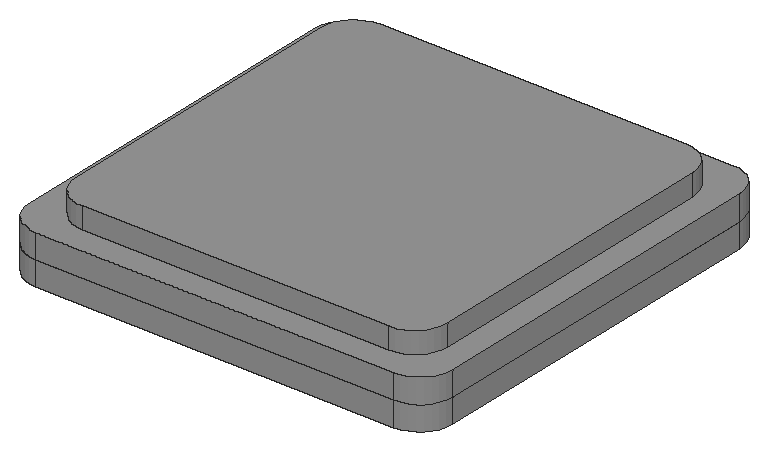
Revit family "FMS2_63_UN_Surface-mounted_ETK", category Lighting Fixtures, Revit 2019 (continued)
Definition of nested family "FMS.2 - Lightsource"
  Types (14, lengths in mm): name | Wattage Comments | Wattage | built-in parameter 1150134 | Photometric Web File | built-in parameter 1150142 | built-in parameter 1150105 | Lumens | built-in parameter 1150107 | built-in parameter 1150106 | Apparent Load
    FMS.1140.10 - Ø270 / 18W / 1120lm / 3000K | "18W" | 7.53996 W | (empty or 0) | "FMS.1140.10.ies" | "IESNA:LM-63-2002\r\n[TEST] /2015\r\n[TESTLAB] ies2eulumdat.appspot.com\r\n[ISSUEDATE] 2021-10-05T13:45:42.911\r\n[MANUFAC] www.etk.nl\r\n[LUMCAT] FMS.1120.10\r\n[LUMINAIRE] FMS.1 LED 18W 3000K 1120lm sensor std ø270 Ledeshi Slice circle III MW Sensor\r\n[LAMPCAT] LED\r\n[LAMP] LED\r\nTILT=NONE\r\n1\t1283\t1\t181\t72\t1\t2\t-0.270\t-0.270\t0\r\n1.0\t1.0\t15.90\r\n0\t 0.5\t 1\t 1.5\t 2\t 2.5\t 3\t 3.5\t 4\t 4.5\r\n5\t 5.5\t 6\t 6.5\t 7\t 7.5\t 8\t 8.5\t 9\t 9.5\r\n10\t 10.5\t 11\t 11.5\t 12\t 12.5\t 13\t 13.5\t 14\t 14.5\r\n15\t 15.5\t 16\t 16.5\t 17\t 17.5\t 18\t 18.5\t 19\t 19.5\r\n20\t 20.5\t 21\t 21.5\t 22\t 22.5\t 23\t 23.5\t 24\t 24.5\r\n25\t 25.5\t 26\t 26.5\t 27\t 27.5\t 28\t 28.5\t 29\t 29.5\r\n30\t 30.5\t 31\t 31.5\t 32\t 32.5\t 33\t 33.5\t 34\t 34.5\r\n35\t 35.5\t 36\t 36.5\t 37\t 37.5\t 38\t 38.5\t 39\t 39.5\r\n40\t 40.5\t 41\t 41.5\t 42\t 42.5\t 43\t 43.5\t 44\t 44.5\r\n45\t 45.5\t 46\t 46.5\t 47\t 47.5\t 48\t 48.5\t 49\t 49.5\r\n50\t 50.5\t 51\t 51.5\t 52\t 52.5\t 53\t 53.5\t 54\t 54.5\r\n55\t 55.5\t 56\t 56.5\t 57\t 57.5\t 58\t 58.5\t 59\t 59.5\r\n60\t 60.5\t 61\t 61.5\t 62\t 62.5\t 63\t 63.5\t 64\t 64.5\r\n65\t 65.5\t 66\t 66.5\t 67\t 67.5\t 68\t 68.5\t 69\t 69.5\r\n70\t 70.5\t 71\t 71.5\t 72\t 72.5\t 73\t 73.5\t 74\t 74.5\r\n75\t 75.5\t 76\t 76.5\t 77\t 77.5\t 78\t 78.5\t 79\t 79.5\r\n80\t 80.5\t 81\t 81.5\t 82\t 82.5\t 83\t 83.5\t 84\t 84.5\r\n85\t 85.5\t 86\t 86.5\t 87\t 87.5\t 88\t 88.5\t 89\t 89.5\r\n90\r\n0\t 5\t 10\t 15\t 20\t 25\t 30\t 35\t 40\t 45\r\n50\t 55\t 60\t 65\t 70\t 75\t 80\t 85\t 90\t 95\r\n100\t 105\t 110\t 115\t 120\t 125\t 130\t 135\t 140\t 145\r\n150\t 155\t 160\t 165\t 170\t 175\t 180\t 185\t 190\t 195\r\n200\t 205\t 210\t 215\t 220\t 225\t 230\t 235\t 240\t 245\r\n250\t 255\t 260\t 265\t 270\t 275\t 280\t 285\t 290\t 295\r\n300\t 305\t 310\t 315\t 320\t 325\t 330\t 335\t 340\t 345\r\n350\t 355\r\n473.6291\t473.5008\t473.3725\t473.2442\t473.1158\t472.8592\t472.6026\t472.2176\t471.8326\t471.3194\r\n470.9344\t470.4211\t470.0362\t469.3946\t468.6246\t467.983\t467.2131\t466.3149\t465.4166\t464.3901\r\n463.4918\t462.5936\t461.567\t460.2838\t458.8723\t457.5891\t456.4342\t455.0227\t453.6112\t452.1997\r\n450.6598\t449.12\t447.5802\t445.912\t444.2438\t442.5757\t440.7792\t438.9827\t437.0579\t435.1331\r\n433.2083\t431.1552\t429.1021\t426.9206\t424.6109\t422.5578\t420.5046\t418.1949\t415.7568\t413.447\r\n411.1373\t408.8275\t406.3894\t403.9514\t401.385\t398.6902\t395.9955\t393.5574\t390.991\t388.2963\r\n385.6016\t382.7786\t379.8272\t377.1325\t374.4378\t371.4864\t368.535\t365.712\t362.889\t359.9376\r\n356.9862\t353.7782\t350.6986\t347.7472\t344.6675\t341.7162\t338.6365\t335.5568\t332.4771\t329.1408\r\n325.9328\t322.8531\t319.7734\t316.4371\t313.2291\t309.8928\t306.6848\t303.3485\t300.1405\t296.8042\r\n293.4678\t290.1315\t286.9235\t283.4589\t280.1226\t276.9146\t273.5782\t270.1136\t266.649\t263.3126\r\n259.9763\t256.3834\t252.7904\t249.5824\t246.2461\t242.6531\t239.0602\t235.5955\t232.1309\t228.6662\r\n225.2016\t221.737\t218.2723\t214.8077\t211.343\t207.8784\t204.2854\t200.6925\t197.2278\t193.6349\r\n190.1702\t186.7056\t183.1126\t179.648\t176.055\t172.5904\t169.1258\t165.4045\t161.8115\t158.2186\r\n154.6256\t151.2893\t147.8246\t144.2317\t140.6387\t137.1741\t133.7094\t130.2448\t126.6647\t123.2257\r\n119.7996\t116.3221\t112.8446\t109.4698\t106.095\t102.7073\t99.3325\t95.9577\t92.5829\t89.3364\r\n86.1027\t82.8691\t79.6482\t76.4402\t73.2451\t70.2039\t67.1627\t64.2242\t61.2985\t58.3856\r\n55.4727\t52.7267\t49.9806\t47.1704\t44.3602\t41.8195\t39.2916\t36.8278\t34.3769\t31.9902\r\n29.6034\t27.4476\t25.2919\t23.3414\t21.3909\t19.71\t18.029\t17.0794\t16.117\t13.4479\r\n10.775\r\n473.6291\t473.5008\t473.3725\t473.1158\t472.8592\t472.6026\t472.3459\t471.8326\t471.3194\t470.9344\r\n470.4211\t469.9078\t469.3946\t468.6246\t467.983\t467.0848\t466.3149\t465.4166\t464.3901\t463.4918\r\n462.4653\t461.4387\t460.4122\t459.129\t457.7174\t456.4342\t455.151\t453.7395\t452.1997\t450.7882\r\n449.2483\t447.7085\t446.0403\t444.3722\t442.704\t440.9075\t439.111\t437.1862\t435.2614\t433.3366\r\n431.4118\t429.3587\t427.3056\t424.9958\t422.8144\t420.7613\t418.5798\t416.2701\t413.832\t411.5222\r\n409.2125\t406.7744\t404.3363\t401.7699\t399.3318\t396.6371\t393.9424\t391.376\t388.8096\t386.2432\r\n383.5485\t380.7254\t377.7741\t374.951\t372.2563\t369.4333\t366.4819\t363.6589\t360.7075\t357.7562\r\n354.8048\t351.7251\t348.6454\t345.5658\t342.6144\t339.5347\t336.5834\t333.5037\t330.424\t327.216\r\n323.8797\t320.8\t317.7203\t314.5123\t311.176\t307.968\t304.76\t301.552\t298.344\t295.0077\r\n291.543\t288.335\t285.127\t281.7907\t278.4544\t275.1181\t271.7818\t268.4454\t265.1091\t261.7728\r\n258.4365\t255.1002\t251.6355\t248.1709\t244.7062\t241.3699\t237.9053\t234.4406\t230.976\t227.5114\r\n224.0467\t220.5821\t217.2458\t213.9094\t210.4448\t206.9802\t203.3872\t199.7942\t196.4579\t192.9933\r\n189.5286\t185.9357\t182.5994\t179.1347\t175.7984\t172.3338\t168.7408\t165.1478\t161.5549\t158.0902\r\n154.6256\t151.0326\t147.3114\t143.5901\t139.8688\t136.2758\t132.8112\t129.3466\t125.7664\t122.212\r\n118.7088\t115.2185\t111.7539\t108.3021\t104.8503\t101.4113\t98.075\t94.79\t91.4793\t88.143\r\n84.8837\t81.727\t78.6217\t75.5292\t72.3468\t69.2415\t66.1618\t63.1719\t60.1949\t57.3462\r\n54.5617\t51.8156\t49.1209\t46.4647\t43.6288\t40.7288\t37.7004\t34.5309\t31.2203\t28.0123\r\n24.9326\t22.0839\t19.402\t16.9126\t14.6413\t12.8448\t11.2896\t10.1014\t9.1543\t1.2783\r\n0\r\n473.6291\t473.5008\t473.2442\t472.9875\t472.7309\t472.3459\t471.961\t471.4477\t470.9344\t470.4211\r\n469.9078\t469.3946\t468.753\t468.1114\t467.2131\t466.4432\t465.6733\t464.6467\t463.6202\t462.5936\r\n461.567\t460.5405\t459.5139\t458.2307\t456.8192\t455.4077\t454.1245\t452.713\t451.1731\t449.7616\r\n448.2218\t446.5536\t445.0138\t443.2173\t441.5491\t439.7526\t437.9562\t436.0314\t434.1066\t432.1818\r\n430.257\t428.2038\t426.1507\t423.9693\t421.7878\t419.6064\t417.425\t415.2435\t412.8054\t410.4957\r\n408.0576\t405.7478\t403.3098\t400.8717\t398.3053\t395.8672\t393.1725\t390.6061\t387.9114\t385.345\r\n382.6502\t380.0838\t377.1325\t374.3094\t371.4864\t368.7917\t365.9686\t363.2739\t360.3226\t357.3712\r\n354.4198\t351.4685\t348.3888\t345.4374\t342.4861\t339.4064\t336.455\t333.5037\t330.424\t327.3443\r\n324.2646\t321.0566\t317.977\t314.8973\t311.8176\t308.6096\t305.4016\t302.3219\t299.1139\t295.9059\r\n292.6979\t289.3616\t285.7686\t282.4323\t279.096\t275.6314\t272.1667\t268.7021\t265.1091\t261.6445\r\n258.1798\t254.7152\t251.3789\t247.7859\t244.3213\t240.7283\t237.1354\t233.6707\t230.2061\t226.6131\r\n223.0202\t219.5555\t215.9626\t212.3696\t208.905\t205.4403\t201.9757\t198.511\t194.9181\t191.3251\r\n187.7322\t184.2675\t180.8029\t177.2099\t173.7453\t170.2806\t166.816\t163.4797\t160.015\t156.4221\r\n152.7008\t149.2362\t145.6432\t142.0502\t138.5856\t134.9926\t131.528\t127.9864\t124.5217\t121.0956\r\n117.6951\t114.3203\t110.9198\t107.545\t104.2728\t101.0392\t97.8825\t94.6232\t91.0559\t87.3988\r\n83.8828\t80.7518\t77.6336\t74.5283\t71.4357\t68.4074\t65.4689\t62.5175\t59.5661\t56.6918\r\n53.8687\t51.1227\t48.4665\t45.8872\t43.0899\t40.1128\t37.1486\t34.1973\t31.2588\t28.4999\r\n25.9976\t23.5852\t21.2498\t19.0812\t17.2334\t15.4754\t13.7687\t9.2339\t1.903\t0\r\n0\r\n473.6291\t473.3725\t473.1158\t472.7309\t472.4742\t472.0893\t471.7043\t471.191\t470.5494\t470.0362\r\n469.5229\t468.8813\t468.2397\t467.4698\t466.6998\t465.8016\t465.0317\t464.0051\t462.9786\t461.952\r\n460.9254\t459.7706\t458.744\t457.5891\t456.0493\t454.6378\t453.3546\t451.943\t450.5315\t448.9917\r\n447.4518\t445.912\t444.2438\t442.5757\t440.7792\t439.111\t437.1862\t435.3898\t433.465\t431.6685\r\n429.7437\t427.6906\t425.7658\t423.5843\t421.4029\t419.2214\t417.04\t414.8586\t412.6771\t410.3674\r\n408.0576\t405.6195\t403.3098\t400.8717\t398.4336\t395.8672\t393.4291\t390.8627\t388.4246\t385.7299\r\n383.0352\t380.4688\t377.9024\t375.2077\t372.3846\t369.6899\t366.8669\t364.0438\t361.4774\t358.5261\r\n355.3181\t352.1101\t348.9021\t345.8224\t342.6144\t339.4064\t336.1984\t332.8621\t329.6541\t326.5744\r\n323.2381\t320.0301\t316.6938\t313.3574\t310.0211\t306.8131\t303.4768\t300.1405\t296.8042\t293.4678\r\n290.2598\t286.9235\t283.5872\t279.9942\t276.5296\t273.1933\t269.9853\t266.649\t263.3126\t259.9763\r\n256.5117\t253.047\t249.7107\t246.3744\t242.9098\t239.5734\t236.2371\t232.9008\t229.4362\t226.0998\r\n222.5069\t218.9139\t215.321\t211.728\t208.135\t204.5421\t201.0774\t197.4845\t193.8915\t190.4269\r\n186.9622\t183.4976\t180.033\t176.44\t172.847\t169.2541\t165.7894\t162.5814\t159.1168\t155.7805\r\n152.4442\t149.1078\t145.5149\t141.7936\t137.944\t134.351\t130.8864\t127.3833\t123.8288\t120.3\r\n116.7712\t113.2809\t109.8676\t106.4799\t103.1308\t99.7945\t96.471\t93.0705\t89.747\t86.4748\r\n83.2284\t80.0717\t76.9663\t73.9123\t70.884\t67.9069\t64.9299\t61.9786\t59.0785\t56.217\r\n53.4068\t50.6607\t47.9404\t45.2585\t42.7562\t40.2925\t37.8672\t35.4676\t33.0937\t30.7326\r\n28.4485\t26.2158\t24.0215\t21.8657\t19.7228\t16.5404\t9.6599\t2.7884\t0\t0\r\n0\r\n473.6291\t473.3725\t472.9875\t472.6026\t472.3459\t471.8326\t471.4477\t470.9344\t470.2928\t469.6512\r\n469.0096\t468.4963\t467.7264\t467.0848\t466.1866\t465.4166\t464.5184\t463.4918\t462.4653\t461.4387\r\n460.2838\t459.2573\t458.1024\t456.9475\t455.6643\t454.2528\t452.8413\t451.4298\t450.0182\t448.6067\r\n447.0669\t445.527\t443.9872\t442.319\t440.6509\t438.8544\t437.0579\t435.2614\t433.465\t431.5402\r\n429.6154\t427.8189\t425.8941\t423.841\t421.6595\t419.6064\t417.425\t415.5002\t413.1904\t411.009\r\n408.6992\t406.5178\t404.208\t401.8982\t399.4602\t396.8938\t394.0707\t391.2477\t388.553\t385.7299\r\n382.9069\t379.8272\t376.8758\t374.0528\t371.1014\t368.1501\t365.0704\t361.9907\t359.0394\t355.9597\r\n353.0083\t350.057\t346.849\t343.7693\t340.5613\t337.4816\t334.4019\t331.1939\t328.1142\t324.9062\r\n321.6982\t318.6186\t315.4106\t312.2026\t309.1229\t305.7866\t302.4502\t299.2422\t296.0342\t292.8262\r\n289.7466\t286.6669\t283.3306\t279.9942\t276.7862\t273.3216\t269.7286\t266.1357\t262.5427\t259.0781\r\n255.7418\t252.2771\t248.9408\t245.3478\t241.8832\t238.4186\t234.9539\t231.4893\t228.0246\t224.56\r\n221.0954\t217.759\t214.4227\t210.9581\t207.6218\t204.1571\t200.8208\t197.4845\t194.1482\t190.8118\r\n186.9622\t183.241\t179.5197\t175.7984\t172.2054\t168.6125\t165.1478\t161.5549\t157.9619\t154.369\r\n150.6477\t147.0547\t143.5901\t140.1254\t136.6608\t133.3245\t129.8598\t126.4209\t122.9049\t119.4018\r\n115.95\t112.5238\t109.1105\t105.7228\t102.3865\t99.0887\t95.8294\t92.6342\t89.4519\t86.154\r\n82.8819\t79.6482\t76.4787\t73.3605\t70.3065\t67.3038\t64.3396\t61.414\t58.5652\t55.8192\r\n53.1116\t50.4298\t47.7864\t45.1686\t42.5894\t40.023\t37.5464\t35.3137\t33.1194\t30.9508\r\n28.795\t26.6521\t24.522\t22.4175\t16.4635\t10.0731\t3.67\t0\t0\t0\r\n0\r\n473.6291\t473.2442\t472.8592\t472.4742\t472.0893\t471.7043\t471.191\t470.6778\t470.0362\t469.3946\r\n468.753\t468.1114\t467.3414\t466.6998\t465.8016\t464.9034\t464.0051\t463.1069\t462.0803\t461.0538\r\n459.8989\t458.8723\t457.7174\t456.5626\t455.4077\t454.1245\t452.713\t451.3014\t449.8899\t448.4784\r\n446.9386\t445.3987\t443.9872\t442.4474\t440.7792\t439.111\t437.3146\t435.6464\t433.8499\t431.9251\r\n430.1286\t428.3322\t426.4074\t424.6109\t422.8144\t420.7613\t418.1949\t415.6285\t413.1904\t410.7523\r\n408.1859\t405.4912\t402.9248\t400.2301\t397.5354\t394.8406\t392.1459\t389.3229\t386.6282\t383.8051\r\n380.9821\t378.159\t375.336\t372.513\t369.5616\t366.7386\t363.7872\t360.8358\t357.8845\t354.9331\r\n351.9818\t349.0304\t346.2074\t343.1277\t340.1763\t337.225\t334.1453\t331.0656\t328.1142\t325.0346\r\n321.9549\t319.0035\t315.6672\t312.3309\t308.8662\t305.5299\t302.0653\t298.729\t295.3926\t291.928\r\n288.4634\t285.127\t281.6624\t278.3261\t274.9898\t271.7818\t268.3171\t264.9808\t261.6445\t258.1798\r\n254.8435\t251.5072\t248.2992\t245.0912\t241.7549\t238.5469\t235.2106\t231.8742\t228.4096\t224.6883\r\n221.0954\t217.3741\t213.7811\t210.1882\t206.4669\t202.8739\t199.281\t195.688\t192.2234\t188.6304\r\n185.1658\t181.5728\t178.1082\t174.6435\t171.0506\t167.5859\t164.1213\t160.6566\t156.9354\t153.4707\r\n149.8778\t146.4131\t142.8202\t139.3555\t135.8909\t132.4262\t129.0899\t125.6381\t122.289\t118.9526\r\n115.5907\t112.2415\t108.7255\t105.3122\t101.9374\t98.5883\t95.2648\t91.9669\t88.6948\t85.4355\r\n82.2146\t79.0323\t75.8884\t72.8344\t69.8702\t66.9189\t63.9804\t61.0803\t58.2188\t55.3829\r\n52.6112\t49.8652\t47.1319\t44.5912\t42.2301\t39.869\t37.5336\t35.1982\t32.8756\t30.5787\r\n28.2946\t26.0105\t21.8914\t16.0913\t10.2759\t4.4566\t0\t0\t0\t0\r\n0\r\n473.6291\t473.2442\t472.8592\t472.3459\t471.961\t471.4477\t470.9344\t470.4211\t469.7795\t469.1379\r\n468.368\t467.7264\t466.9565\t466.3149\t465.545\t464.6467\t463.7485\t462.8502\t461.8237\t460.7971\r\n459.6422\t458.6157\t457.4608\t456.4342\t455.151\t453.9962\t452.713\t451.4298\t450.0182\t448.6067\r\n447.1952\t445.6554\t444.2438\t442.704\t441.1642\t439.7526\t438.0845\t436.4163\t434.6198\t432.8234\r\n430.5136\t428.2038\t425.8941\t423.5843\t421.2746\t418.9648\t416.655\t414.217\t411.6506\t409.0842\r\n406.5178\t404.0797\t401.5133\t398.8186\t396.2522\t393.6858\t390.991\t388.2963\t385.6016\t382.9069\r\n380.2122\t377.5174\t374.6944\t371.8714\t369.0483\t366.3536\t363.6589\t360.8358\t358.1411\t355.1898\r\n352.2384\t349.287\t346.464\t343.256\t340.048\t336.9683\t333.7603\t330.424\t327.0877\t323.8797\r\n320.6717\t317.3354\t313.999\t310.6627\t307.4547\t304.1184\t300.9104\t297.7024\t294.3661\t291.1581\r\n287.8218\t284.6138\t281.4058\t278.1978\t274.9898\t271.7818\t268.4454\t265.2374\t262.0294\t258.5648\r\n254.9718\t251.3789\t247.7859\t244.193\t240.6\t237.007\t233.4141\t229.8211\t226.3565\t222.8918\r\n219.4272\t215.9626\t212.3696\t208.905\t205.4403\t201.9757\t198.511\t195.0464\t191.7101\t188.1171\r\n184.3958\t180.8029\t177.2099\t173.617\t170.024\t166.5594\t163.0947\t159.5018\t156.1654\t152.7008\r\n149.2362\t145.8998\t142.4352\t138.9706\t135.6342\t132.1696\t128.5766\t125.1248\t121.6345\t118.1571\r\n114.6924\t111.2534\t107.8401\t104.4525\t101.0777\t97.7413\t94.4435\t91.1585\t87.912\t84.7939\r\n81.6885\t78.6088\t75.5548\t72.5136\t69.4981\t66.5083\t63.5441\t60.5927\t57.6413\t54.7156\r\n52.0338\t49.5059\t46.9908\t44.5014\t42.0505\t39.6124\t37.1871\t34.7619\t32.3495\t29.9499\r\n27.3193\t21.8529\t16.3865\t10.9072\t5.4292\t0\t0\t0\t0\t0\r\n0\r\n473.6291\t473.2442\t472.7309\t472.2176\t471.8326\t471.3194\t470.8061\t470.1645\t469.5229\t468.8813\r\n468.1114\t467.4698\t466.6998\t465.9299\t465.2883\t464.3901\t463.4918\t462.5936\t461.567\t460.6688\r\n459.6422\t458.4874\t457.4608\t456.3059\t455.151\t454.1245\t452.8413\t451.6864\t450.2749\t448.9917\r\n447.7085\t446.297\t444.7571\t443.3456\t441.9341\t440.0093\t437.9562\t435.7747\t433.5933\t431.4118\r\n429.1021\t426.9206\t424.6109\t422.3011\t419.863\t417.5533\t415.2435\t412.9338\t410.624\t408.3142\r\n405.8762\t403.3098\t400.8717\t398.3053\t395.7389\t393.1725\t390.6061\t388.168\t385.4733\t382.9069\r\n380.2122\t377.6458\t374.951\t372.3846\t369.6899\t366.9952\t363.7872\t360.5792\t357.3712\t354.2915\r\n351.2118\t348.1322\t345.0525\t341.9728\t338.6365\t335.4285\t332.3488\t329.1408\t325.9328\t322.8531\r\n319.7734\t316.5654\t313.4858\t310.2778\t307.1981\t303.9901\t300.9104\t297.7024\t294.4944\t291.2864\r\n288.2067\t284.8704\t281.4058\t277.8128\t274.3482\t270.7552\t267.2906\t263.6976\t260.233\t256.7683\r\n253.3037\t249.839\t246.3744\t242.9098\t239.4451\t235.9805\t232.5158\t229.0512\t225.7149\t222.3786\r\n218.9139\t215.5776\t211.9846\t208.3917\t204.7987\t201.2058\t197.6128\t194.0198\t190.5552\t186.9622\r\n183.4976\t180.033\t176.5683\t173.1037\t169.639\t166.1744\t162.7098\t159.3734\t155.9088\t152.4442\r\n148.9795\t145.3866\t141.7936\t138.2006\t134.6077\t131.143\t127.6142\t124.1368\t120.685\t117.2588\r\n113.8455\t110.4322\t107.0445\t103.6697\t100.3719\t97.1382\t93.9302\t90.7351\t87.5527\t84.3961\r\n81.2522\t78.1212\t75.0159\t71.9234\t68.8308\t65.7768\t62.7356\t59.9383\t57.3205\t54.7028\r\n52.1108\t49.5187\t46.9395\t44.3731\t41.8067\t39.2531\t36.7124\t34.1716\t31.6437\t27.6273\r\n22.3662\t17.1179\t11.8593\t6.6008\t1.3397\t0\t0\t0\t0\t0\r\n0\r\n473.6291\t473.1158\t472.7309\t472.2176\t471.7043\t471.0627\t470.5494\t470.0362\t469.3946\t468.6246\r\n467.983\t467.2131\t466.4432\t465.8016\t465.0317\t464.2618\t463.3635\t462.4653\t461.567\t460.5405\r\n459.6422\t458.6157\t457.4608\t456.4342\t455.2794\t454.2528\t453.0979\t451.943\t450.7882\t449.505\r\n448.3501\t446.8102\t444.8854\t442.704\t440.6509\t438.5978\t436.5446\t434.4915\t432.4384\t430.257\r\n428.2038\t425.8941\t423.7126\t421.5312\t419.2214\t417.04\t414.6019\t412.2922\t409.8541\t407.5443\r\n405.3629\t403.0531\t400.7434\t398.3053\t395.9955\t393.5574\t391.1194\t388.553\t385.8582\t383.4202\r\n380.4688\t377.5174\t374.5661\t371.4864\t368.535\t365.4554\t362.3757\t359.4243\t356.3446\t353.3933\r\n350.3136\t347.2339\t344.1542\t341.0746\t337.9949\t334.9152\t331.8355\t328.8842\t325.9328\t322.8531\r\n319.9018\t316.8221\t313.8707\t310.791\t307.583\t304.1184\t300.6538\t297.1891\t293.5962\t290.2598\r\n286.7952\t283.3306\t279.8659\t276.4013\t273.065\t269.472\t266.1357\t262.671\t259.2064\t255.8701\r\n252.5338\t249.0691\t245.7328\t242.3965\t239.0602\t235.7238\t232.1309\t228.5379\t225.0733\t221.4803\r\n217.8874\t214.4227\t210.9581\t207.3651\t203.9005\t200.4358\t196.8429\t193.3782\t189.9136\t186.5773\r\n183.1126\t179.7763\t176.44\t172.9754\t169.5107\t165.9178\t162.3248\t158.7318\t155.0106\t151.4176\r\n147.953\t144.36\t140.8954\t137.4307\t133.8378\t130.3731\t126.9598\t123.508\t120.0819\t116.6685\r\n113.3066\t109.9702\t106.6468\t103.3489\t100.0639\t96.7918\t93.5453\t90.3116\t87.0908\t83.8956\r\n80.7004\t77.5309\t74.3614\t71.2048\t68.1892\t65.456\t62.7356\t60.0153\t57.3205\t54.6258\r\n51.9439\t49.2749\t46.6187\t43.9624\t41.319\t38.6756\t36.0451\t33.4274\t28.4742\t23.3671\r\n18.2471\t13.1271\t8.0033\t2.8821\t0\t0\t0\t0\t0\t0\r\n0\r\n473.6291\t473.1158\t472.6026\t472.0893\t471.576\t470.9344\t470.4211\t469.7795\t469.1379\t468.4963\r\n467.8547\t467.0848\t466.3149\t465.545\t464.775\t464.0051\t4
